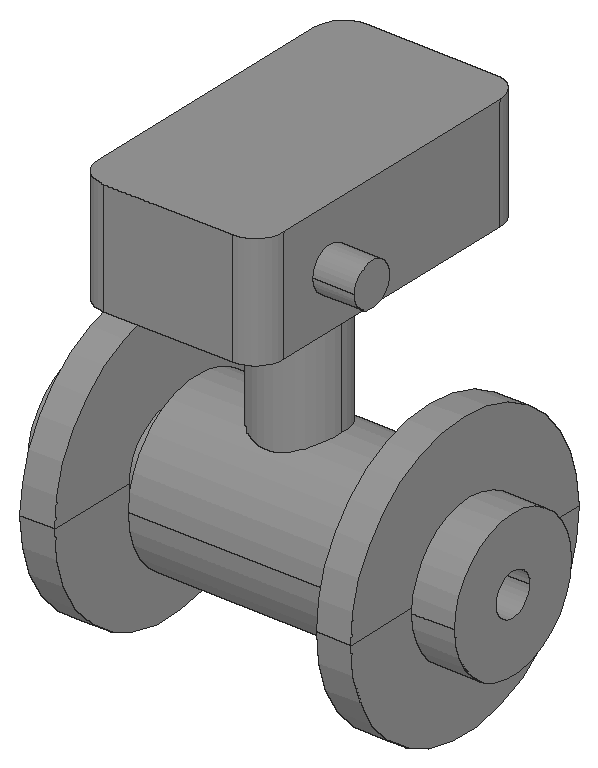
Revit family "ВИРС-М фланцевый DN15-200, PN16", category Арматура трубопроводов, Revit 2015 (continued)
Types (89, lengths in mm): name | Толщина фланца | Толщина зеркала | Тип, марка | Степень защиты | Серия | Потребляемая мощность | Строительная длина | Строительная высота | Обозначение | Минимальный расход | Масса | Максимальный расход | Максимальная температура среды | Класс точности | Исполнение | Длина по фланцам | Длина корпуса | Радиус фланца | Диаметр фланца | Радиус условный | Диаметр условный DN | Выходной сигнал | DN | Диаметр патрубка | Диаметр корпуса | Диаметр зеркала_2 | Диаметр зеркала | Высота с приводом | Высота основания привода
  Счётчик-расходомер электромагнитный (фланцевый) ВИРС-М DN100, PN16, серия 2300 | 23 | 3 | "ВИРС-М-100-Ф-16-57-232-2300-050" | "IP57" | 2300 | 4.5 W | 250 | 270 | "ВИРС-М-100-Ф-16-57-232-2300-050" | 2.5 m³/h | 18.00 kg | 250.0 m³/h | 90 °C | 0.5 | 6 | 220 | 148 | 107.5 | 215 | 50 | 100 | "частотный" | 100 | 120 | 175 | 76 | 162 | 162.5 | 122.5
  Счётчик-расходомер электромагнитный (фланцевый) ВИРС-М DN100, PN16, серия 2500 | 23 | 3 | "ВИРС-М-100-Ф-16-57-232-2500-025" | "IP57" | 2500 | 7 W | 250 | 270 | "ВИРС-М-100-Ф-16-57-232-2500-025" | 10.0 m³/h | 18.00 kg | 250.0 m³/h | 90 °C | 0.25 | 8 | 220 | 148 | 107.5 | 215 | 50 | 100 | "частотный" | 100 | 120 | 175 | 76 | 162 | 162.5 | 122.5
  Счётчик-расходомер электромагнитный (фланцевый) ВИРС-М DN150, PN16, серия 1000 | 25 | 3 | "ВИРС-М-150-Ф-16-55-232-1000-200" | "IP55" | 1000 | 4.5 W | 300 | 375 | "ВИРС-М-150-Ф-16-55-232-1000-200" | 0.6 m³/h | 31.00 kg | 312.5 m³/h | 150 °C | 2 | 1 | 270 | 194 | 140 | 280 | 75 | 150 | "числоимпульсный" | 150 | 170 | 240 | 104 | 218 | 235 | 195
  Счётчик-расходомер электромагнитный (фланцевый) ВИРС-М DN150, PN16, серия 1100 | 25 | 3 | "ВИРС-М-150-Ф-16-55-232-1100-100" | "IP55" | 1100 | 4.5 W | 300 | 375 | "ВИРС-М-150-Ф-16-55-232-1100-100" | 1.3 m³/h | 31.00 kg | 312.5 m³/h | 150 °C | 1 | 3 | 270 | 194 | 140 | 280 | 75 | 150 | "числоимпульсный" | 150 | 170 | 240 | 104 | 218 | 235 | 195
  Счётчик-расходомер электромагнитный (фланцевый) ВИРС-М DN150, PN16, серия 1300 | 25 | 3 | "ВИРС-М-150-Ф-16-57-232-1300-050" | "IP57" | 1300 | 4.5 W | 300 | 375 | "ВИРС-М-150-Ф-16-57-232-1300-050" | 3.1 m³/h | 31.00 kg | 312.5 m³/h | 90 °C | 0.5 | 5 | 270 | 194 | 140 | 280 | 75 | 150 | "частотный" | 150 | 170 | 240 | 104 | 218 | 235 | 195
  Счётчик-расходомер электромагнитный (фланцевый) ВИРС-М DN150, PN16, серия 1500 | 25 | 3 | "ВИРС-М-150-Ф-16-57-232-1500-025" | "IP57" | 1500 | 7 W | 300 | 375 | "ВИРС-М-150-Ф-16-57-232-1500-025" | 13.0 m³/h | 31.00 kg | 312.5 m³/h | 90 °C | 0.25 | 7 | 270 | 194 | 140 | 280 | 75 | 150 | "частотный" | 150 | 170 | 240 | 104 | 218 | 235 | 195
  Счётчик-расходомер электромагнитный (фланцевый) ВИРС-М DN150, PN16, серия 2000 | 25 | 3 | "ВИРС-М-150-Ф-16-55-232-2000-200" | "IP55" | 2000 | 4.5 W | 300 | 375 | "ВИРС-М-150-Ф-16-55-232-2000-200" | 0.8 m³/h | 31.00 kg | 400.0 m³/h | 150 °C | 2 | 2 | 270 | 194 | 140 | 280 | 75 | 150 | "числоимпульсный" | 150 | 170 | 240 | 104 | 218 | 235 | 195
  Счётчик-расходомер электромагнитный (фланцевый) ВИРС-М DN150, PN16, серия 2100 | 25 | 3 | "ВИРС-М-150-Ф-16-55-232-2100-100" | "IP55" | 2100 | 4.5 W | 300 | 375 | "ВИРС-М-150-Ф-16-55-232-2100-100" | 1.6 m³/h | 31.00 kg | 400.0 m³/h | 150 °C | 1 | 4 | 270 | 194 | 140 | 280 | 75 | 150 | "числоимпульсный" | 150 | 170 | 240 | 104 | 218 | 235 | 195
  Счётчик-расходомер электромагнитный (фланцевый) ВИРС-М DN150, PN16, серия 2300 | 25 | 3 | "ВИРС-М-150-Ф-16-57-232-2300-050" | "IP57" | 2300 | 4.5 W | 300 | 375 | "ВИРС-М-150-Ф-16-57-232-2300-050" | 4.0 m³/h | 31.00 kg | 400.0 m³/h | 90 °C | 0.5 | 6 | 270 | 194 | 140 | 280 | 75 | 150 | "частотный" | 150 | 170 | 240 | 104 | 218 | 235 | 195
  Счётчик-расходомер электромагнитный (фланцевый) ВИРС-М DN150, PN16, серия 2500 | 25 | 3 | "ВИРС-М-150-Ф-16-57-232-2500-025" | "IP57" | 2500 | 7 W | 300 | 375 | "ВИРС-М-150-Ф-16-57-232-2500-025" | 16.0 m³/h | 31.00 kg | 400.0 m³/h | 90 °C | 0.25 | 8 | 270 | 194 | 140 | 280 | 75 | 150 | "частотный" | 150 | 170 | 240 | 104 | 218 | 235 | 195
  Счётчик-расходомер электромагнитный (фланцевый) ВИРС-М DN200, PN16, серия 1000 | 27 | 3 | "ВИРС-М-200-Ф-16-55-232-1000-200" | "IP55" | 1000 | 4.5 W | 350 | 375 | "ВИРС-М-200-Ф-16-55-232-1000-200" | 1.0 m³/h | 34.00 kg | 500.0 m³/h | 150 °C | 2 | 1 | 320 | 240 | 167.5 | 335 | 100 | 200 | "числоимпульсный" | 200 | 220 | 295 | 132 | 274 | 207.5 | 167.5
  Счётчик-расходомер электромагнитный (фланцевый) ВИРС-М DN200, PN16, серия 1100 | 27 | 3 | "ВИРС-М-200-Ф-16-55-232-1100-100" | "IP55" | 1100 | 4.5 W | 350 | 375 | "ВИРС-М-200-Ф-16-55-232-1100-100" | 2.0 m³/h | 34.00 kg | 500.0 m³/h | 150 °C | 1 | 3 | 320 | 240 | 167.5 | 335 | 100 | 200 | "числоимпульсный" | 200 | 220 | 295 | 132 | 274 | 207.5 | 167.5
  Счётчик-расходомер электромагнитный (фланцевый) ВИРС-М DN200, PN16, серия 1300 | 27 | 3 | "ВИРС-М-200-Ф-16-57-232-1300-050" | "IP57" | 1300 | 4.5 W | 350 | 375 | "ВИРС-М-200-Ф-16-57-232-1300-050" | 5.0 m³/h | 34.00 kg | 500.0 m³/h | 90 °C | 0.5 | 5 | 320 | 240 | 167.5 | 335 | 100 | 200 | "частотный" | 200 | 220 | 295 | 132 | 274 | 207.5 | 167.5
  Счётчик-расходомер электромагнитный (фланцевый) ВИРС-М DN200, PN16, серия 2000 | 27 | 3 | "ВИРС-М-200-Ф-16-55-232-2000-200" | "IP55" | 2000 | 4.5 W | 350 | 375 | "ВИРС-М-200-Ф-16-55-232-2000-200" | 1.3 m³/h | 34.00 kg | 630.0 m³/h | 150 °C | 2 | 2 | 320 | 240 | 167.5 | 335 | 100 | 200 | "числоимпульсный" | 200 | 220 | 295 | 132 | 274 | 207.5 | 167.5
  Счётчик-расходомер электромагнитный (фланцевый) ВИРС-М DN200, PN16, серия 2100 | 27 | 3 | "ВИРС-М-200-Ф-16-55-232-2100-100" | "IP55" | 2100 | 4.5 W | 350 | 375 | "ВИРС-М-200-Ф-16-55-232-2100-100" | 2.5 m³/h | 34.00 kg | 630.0 m³/h | 150 °C | 1 | 4 | 320 | 240 | 167.5 | 335 | 100 | 200 | "числоимпульсный" | 200 | 220 | 295 | 132 | 274 | 207.5 | 167.5
  Счётчик-расходомер электромагнитный (фланцевый) ВИРС-М DN200, PN16, серия 2300 | 27 | 3 | "ВИРС-М-200-Ф-16-57-232-2300-050" | "IP57" | 2300 | 4.5 W | 350 | 375 | "ВИРС-М-200-Ф-16-57-232-2300-050" | 6.3 m³/h | 34.00 kg | 630.0 m³/h | 90 °C | 0.5 | 6 | 320 | 240 | 167.5 | 335 | 100 | 200 | "частотный" | 200 | 220 | 295 | 132 | 274 | 207.5 | 167.5
  Счётчик-расходомер электромагнитный (фланцевый) ВИРС-М DN200, PN16, серия 2500 | 27 | 3 | "ВИРС-М-20-Ф-16-57-232-2500-025" | "IP57" | 2500 | 7 W | 350 | 375 | "ВИРС-М-20-Ф-16-57-232-2500-025" | 25.0 m³/h | 34.00 kg | 630.0 m³/h | 90 °C | 0.25 | 8 | 320 | 240 | 167.5 | 335 | 100 | 200 | "частотный" | 200 | 220 | 295 | 132 | 274 | 207.5 | 167.5
  Счётчик-расходомер электромагнитный (фланцевый) ВИРС-М DN20, PN16, серия 1500 | 14 | 2 | "ВИРС-М-20-Ф-16-57-232-1500-025" | "IP57" | 1500 | 7 W | 150 | 180 | "ВИРС-М-20-Ф-16-57-232-1500-025" | 0.3 m³/h | 3.20 kg | 7.9 m³/h | 90 °C | 0.25 | 7 | 120 | 68 | 55 | 110 | 10 | 20 | "частотный" | 20 | 40 | 70 | 25 | 60 | 125 | 85
